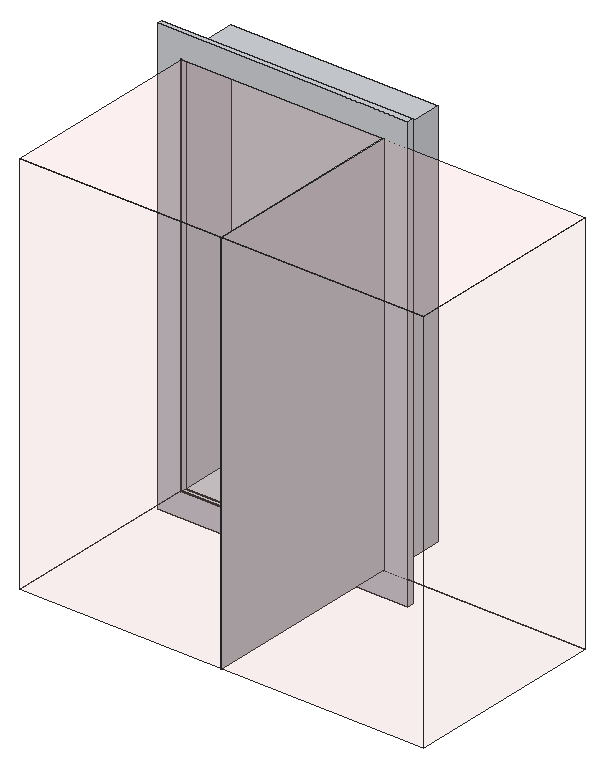
Revit family "Hager-VOLTA-Flush_mounted-IP30-With_Cover-Without_DIN-NoHosted-SE-en", category Electrical Equipment, Revit 2023
Family settings
  Panel Configuration = Two Columns, Circuits Across
  Round Connector Dimension = Use Diameter
  Part Type = Panelboard
  Work Plane-Based = Yes
  Always vertical = Yes
  Cut with Voids When Loaded = No
  Maintain Annotation Orientation = No
  Shared = No
  Room Calculation Point = No
Parameters (values of type "VOLTA-Flush_mounted_W348_H630_D98_12_Modular_Spacing-VU36NW")
  Width Control [instance] = if([HG000006-Flush mounted], if([EF000846 - Built-in width] > min_whd, [EF000846 - Built-in width], min_whd), if([EF000008 - Width] > min_whd, ([EF000008 - Width]), min_whd))  # 314.5 mm
  Void Depth [instance] = if([EF000218 - Built-in depth] > 1 mm, [EF000218 - Built-in depth], 1 mm)  # 89 mm
  Uniformat code = "D501001"
  Uniformat = "Low Tension Service & Dist."
  Référence = ""
  HG000131 - Functional label [instance] = ""
  HG000130 - Functional name [instance] = ""
  HG000099-Onfly Template ID = "507532"
  HG000059-Operating voltage [instance] = 230 V
  ETIM class name = "Small distribution board"
  ETIM class code = "EC000214"
  EF015941 - Signal passing door = no
  EF015777 - Neutral terminal block = yes
  EF015776 - Earthing terminal block = yes
  EF009212 - Cover model = "With notch"
  EF006306 - With lock = no
  EF006244 - Transparent cover/door = no
  EF005474 - Degree of protection (IP) = "IP30"
  EF004462 - Type of closure = "Other"
  EF002950 - Width in number of modular spacings = 12
  EF001596 - Housing material = ""
  EF001134 - DIN-rail = no
  EF001131 - Inner depth = 0 mm
  EF001088 - Extension possible = yes
  EF001062 - EMC-version = no
  EF000846 - Built-in width = 314.5 mm
  EF000339 - Type of covering = ""
  EF000332 - Built-in height = 595 mm
  EF000266 - Number of rows = 0
  EF000218 - Built-in depth = 89 mm
  EF000118 - With mounting plate = yes
  EF000116 - RAL-number = 9010
  EF000049 - Depth = 98 mm
  EF000040 - Height = 630 mm
  EF000008 - Width = 348 mm
  EF000007 - Colour = "White"
  EF000003 - Mounting method = "Flush-mounted"
  EF004464 - Type of door = ""
  EF000024 - UV resistant = no
  Type Comments = ""
  System Height [instance] = Height Control - 2 * [HG000005-Thickness]  # 446 mm
  Reference description = ""
  Reference = "VOLTA-Flush_mounted_W348_H630_D98_12_Modular_Spacing-VU36NW"
  Panel Name [instance] = ""  # (empty or 0)
  Offset [instance] = 0 mm
  Object type = ""
  Name hager = "ADD_Enclosures_EC000214"
  Name BIM&CO = "Electricity"
  Name = "VOLTA-Flush_mounted-IP30-With_Cover-Without_DIN-SE"
  Model = ""
  Level Offset [instance] = [Flush Mounted - Door Frame Width] + Offset  # 50 mm
  HGEF002950-Width in number of modular spacings = 12
  HGEF000266-Number of rows = 0
  HG000060-RAL-number = "9010"
  HG000017-Distance between poles = 18 mm
  HG000016-Door 3D visibility = yes
  HG000015-Clearance visibility = yes
  HG000014-Door on the right = yes
  HG000013-Door on the left = not([HG000014-Door on the right])  # no
  HG000012-Door swing angle = 90.00°
  HG000011-Empty rows from bottom = no
  HG000010-Asymmetric doors = no
  HG000009-Double swing door = no
  HG000008-Number of empty rows = 0
  HG000007-Number of empty columns = 0
  HG000006-Flush mounted = yes
  HG000005-Thickness = 2 mm
  HG000004-Manufacturer reference = "VU36NW"
  HG000003-Range = "VOLTA"
  HG000002-With door or cover = yes
  HG000001-Number of columns = 0
  GTIN (Global Trade Item Number) = ""
  Description = ""
  Default Elevation = 1200 mm
  Creation Date = "12/15/2025 21:48:34"
  Code hager = "ADD-EC000214_EU"
  Code Uniformat = ""
  BIM&CO code = ""
  BC_VARIANT_ID = "1174467"
  BC_OBJECT_VERSION = "#1"  # constant formula
  BC_OBJECT_ID = "513508"  # constant formula
  BC_MODEL_ID = "1547276"  # constant formula
  BC_METADATA = "{\"ObjectGuid\":\"bc35c96e-cb38-443e-833d-0616858cb9ac\",\"ModelGuid\":\"8af03f69-2293-4735-a617-cc53adf55621\",\"VariantGuid\":\"8b6e323b-1b53-409a-a940-11b5a7fc5337\",\"Revision\":\"#4\",\"VariantName\":\"Template-Enclosure_EU-EC000214\"}"
  Arrow Offset [instance] = Depth Control / 8  # 18.75 mm
  Arrow Height [instance] = Depth Control - Arrow Offset  # 131.25 mm
  Host Offset [instance] = if([HG000006-Flush mounted], 0 mm, [EF000049 - Depth])  # 0 mm
  min_whd [instance] = (2 * [HG000005-Thickness]) + 1 mm  # 5 mm
  Manufacturer = "Hager"  # constant formula
  Height Control [instance] = if([HG000006-Flush mounted], if([EF000332 - Built-in height] > min_whd, [EF000332 - Built-in height], min_whd), if([EF000040 - Height] > min_whd, ([EF000040 - Height]), min_whd))  # 595 mm
  Flush Mounted - Door Frame Width [instance] = if(([EF000040 - Height] - [EF000332 - Built-in height]) > 0 mm, if([HG000006-Flush mounted], [EF000040 - Height] - [EF000332 - Built-in height], 0 mm), 0 mm)  # 35 mm
  Depth Control [instance] = if([HG000006-Flush mounted], if([EF000218 - Built-in depth] > 0 mm, [EF000218 - Built-in depth], 1 mm), if([EF000049 - Depth] > 0 mm, ([EF000049 - Depth]), 1 mm))  # 89 mm
Types (4, lengths in mm): name | Width Control | Void Depth | EF015777 - Neutral terminal block | EF015776 - Earthing terminal block | EF002950 - Width in number of modular spacings | EF001062 - EMC-version | EF000846 - Built-in width | EF000332 - Built-in height | EF000266 - Number of rows | EF000218 - Built-in depth | EF000049 - Depth | EF000040 - Height | EF000008 - Width | Reference | HGEF002950-Width in number of modular spacings | HGEF000266-Number of rows | HG000004-Manufacturer reference | HG000001-Number of columns | BC_VARIANT_ID | Height Control | Flush Mounted - Door Frame Width | Depth Control
  VOLTA-Flush_mounted_W426_H286_D89_18_Modular_Spacing-VU118F | 396 | 82 | no | no | 18 | yes | 396 | 259 | 1 | 82 | 89 | 286 | 426 | "VOLTA-Flush_mounted_W426_H286_D89_18_Modular_Spacing-VU118F" | 18 | 1 | "VU118F" | 1 | "1174466" | 259 | 27 | 82
  VOLTA-Flush_mounted_W348_H630_D98_12_Modular_Spacing-VU36NW | 314.5 | 89 | yes | yes | 12 | no | 314.5 | 595 | 0 | 89 | 98 | 630 | 348 | "VOLTA-Flush_mounted_W348_H630_D98_12_Modular_Spacing-VU36NW" | 12 | 0 | "VU36NW" | 0 | "1174467" | 595 | 35 | 89
  VOLTA-Flush_mounted_W348_H755_D98_12_Modular_Spacing-VU48NW | 314.5 | 89 | no | no | 12 | no | 314.5 | 720 | 0 | 89 | 98 | 755 | 348 | "VOLTA-Flush_mounted_W348_H755_D98_12_Modular_Spacing-VU48NW" | 12 | 0 | "VU48NW" | 0 | "1174468" | 720 | 35 | 89
  VOLTA-Flush_mounted_W348_H880_D98_12_Modular_Spacing-VU60NW | 314.5 | 89 | yes | yes | 12 | no | 314.5 | 845 | 0 | 89 | 98 | 880 | 348 | "VOLTA-Flush_mounted_W348_H880_D98_12_Modular_Spacing-VU60NW" | 12 | 0 | "VU60NW" | 0 | "1174469" | 845 | 35 | 89
Reference planes
  plane 1 "Center (Front/Back)": y = 0
  plane 2: z = 0
  plane 3 "Center (Left/Right)": x = 0
  plane 4: y = 37
  plane 5: y = 89
  plane 6: y = 35
  plane 7: z = 0
  plane 8: x = -157.25
  plane 9: x = 157.25
  plane 10: x = 155.25
  plane 11: x = -155.25
  plane 12: z = 50
  plane 13: z = 52
  plane 14: y = 5
  plane 15: y = 0
  plane 16: y = 87
  plane 17: z = 643
  plane 18: z = 645
  plane 19: z = 347.5
  plane 20: x = 0
  plane 21: y = -100
  plane 22 "Annotation H": y = -300
  plane 23 "Annotation V": x = 357.25
Forms (mm)
  Extrusion 1, solid
    sketch origin (-208.679, -4572, 50) x (-1, 0, 0) y (0, -1, 0)
      loop
        line (-51.429, -4572) -> (-365.929, -4572) -> (-365.929, -4661) -> (-51.429, -4661) -> (-51.429, -4572)
    from 0 to 595 <- "Height Control"
  Extrusion 2, void
    sketch origin (-350.771, 0, 1219.2) x (1, 0, 0) y (0, 0, 1)
      loop
        line (195.521, -576.2) -> (195.521, -1167.2) -> (506.021, -1167.2) -> (506.021, -576.2) -> (195.521, -576.2)
    from 0 to -87
  Extrusion 3, solid, detail levels coarse+medium
    sketch origin (-350.771, 0, 1219.2) x (-1, 0, 0) y (0, 0, 1)
      loop
        line (-195.521, -576.2) -> (-506.021, -576.2) -> (-506.021, -1167.2) -> (-195.521, -1167.2) -> (-195.521, -576.2)
    from 0 to 2 <- "HG000005-Thickness"
Cuts and joins
  Extrusion 2 cuts Extrusion 1
Dimensions and locks
  "Flush Mounted - Door Frame Width": plane 1 "Center (Front/Back)" to plane 6
  "HG000005-Thickness": plane 4 to plane 6
  "HG000005-Thickness": plane 8 to plane 11
  "HG000005-Thickness": plane 9 to plane 10
  equal spacing: plane 8, plane 3 "Center (Left/Right)", plane 9
  "Width Control": plane 8 to plane 9
  locked: plane 14 to plane 15 at 5
  "Host Offset": plane 1 "Center (Front/Back)" to plane 15
  "Depth Control": plane 5 to plane 15
  "HG000005-Thickness": plane 5 to plane 16
  "HG000005-Thickness": plane 13 to plane 12
  "Level Offset": plane 12 to level
  "HG000005-Thickness": plane 18 to plane 17
  "Height Control": plane 18 to plane 12
  "Arrow Offset": plane 5 to nested 4
  equal spacing: plane 18, plane 19, plane 12
  locked: connector elem to plane 19
  locked: connector elem to plane 3 "Center (Left/Right)"
  Extrusion 2 sketch curve to Extrusion 2 sketch curve to plane 9 = 310.5 mm, 2 mm
  locked: plane 9 to plane 23 "Annotation V" at 200
  locked: plane 22 "Annotation H" to plane 1 "Center (Front/Back)" at 300
  aligned and locked: nested 1 to plane 14
  aligned and locked: plane 3 "Center (Left/Right)" to nested 1
  aligned and locked: plane 3 "Center (Left/Right)" to nested 2
  aligned and locked: nested 2 to plane 15
  aligned and locked: plane 5 to Extrusion 1
  aligned and locked: Extrusion 3 sketch curve to plane 17
  aligned and locked: Extrusion 3 sketch curve to plane 11
  aligned and locked: plane 13 to Extrusion 3 sketch curve
  aligned and locked: Extrusion 3 sketch curve to plane 10
  aligned and locked: plane 13 to Extrusion 2 sketch curve
  aligned and locked: Extrusion 2 sketch curve to plane 17
  aligned and locked: plane 16 to Extrusion 2
  aligned and locked: plane 5 to Extrusion 1 sketch curve
  aligned and locked: plane 9 to Extrusion 1 sketch curve
  aligned and locked: plane 8 to Extrusion 1 sketch curve
  aligned and locked: plane 8 to nested 4
  aligned and locked: plane 8 to nested 3
  aligned and locked: nested 3 to plane 5
  aligned and locked: Extrusion 1 sketch curve to plane 15
  aligned and locked: Extrusion 2 to plane 15
  aligned and locked: nested 5 to plane 22 "Annotation H"
  aligned and locked: plane 23 "Annotation V" to nested 5
  aligned and locked: plane 11 to Extrusion 2
  aligned and locked: plane 10 to Extrusion 2
Nested families
  nested 1: "Hager_Enclosure_System" at (0, 5, 52), Flush_Mounted <- "HG000006-Flush mounted", Height <- "System Height", Width_Control <- "Width Control", Row_Module_Multiplicator <- "HGEF002950-Width in number of modular spacings", Empty_Columns <- "HG000007-Number of empty columns", Border <- "HG000005-Thickness", Total_No_Empty_Rows <- "HG000008-Number of empty rows", Depth <- "HG000005-Thickness", Empty_Rows_From_Bottom <- "HG000011-Empty rows from bottom", Distance_Between_Poles <- "HG000017-Distance between poles", Rows_Count <- "HGEF000266-Number of rows", Columns_Count <- "HG000001-Number of columns", Built-in_Width <- "EF000846 - Built-in width", Width <- "EF000008 - Width", type "Hager_Enclosure_System", detail levels medium+fine
    with Width_Control 314.5 mm, Width 348 mm, Total_No_Rows 0, Total_No_Empty_Rows 0, Total_No_Columns 1, System_Width 310.5 mm, Rows_Count 0, Rows_Column 0, Row_Module_Multiplicator 12, Panel_4 no, Panel_3 no, Panel_2 no, Panel_1 no, No_Panels_Ctrl 1, Hide_Columns yes, Height 446 mm, Flush_Mounted yes, Empty_Rows_From_Bottom no, Empty_Rows_Column 0, Empty_Columns 0, Empty column 4 0, Empty column 3 0, Empty column 2 0, Empty column 1 0, Distance_Between_Poles 18 mm, Depth 2 mm, Columns_Count 0, Column_Width 310.5 mm, Built-in_Width 314.5 mm, Border 2 mm
  nested 2: "Hager_Enclosure_Door" at (0, 0, 50), Double <- "HG000009-Double swing door", Height_Ctrl <- "Height Control", Angle <- "HG000012-Door swing angle", Door_Right <- "HG000014-Door on the right", Assymetrical <- "HG000010-Asymmetric doors", Flush_Mounted <- "HG000006-Flush mounted", Door <- "HG000002-With door or cover", Width_Ctrl <- "Width Control", 3d_Door <- "HG000016-Door 3D visibility", Border <- "HG000005-Thickness", Clearance <- "HG000015-Clearance visibility", Door_Left <- "HG000013-Door on the left", BuiltIn_Depth <- "EF000218 - Built-in depth", Depth <- "EF000049 - Depth", BuiltIn_Width <- "EF000846 - Built-in width", Height <- "EF000040 - Height", BuiltIn_Height <- "EF000332 - Built-in height", Width <- "EF000008 - Width", Transparent <- "EF006244 - Transparent cover/door", type "Hager_Enclosure_Door", detail levels medium+fine
    with min_wh 5 mm, Width_Ctrl 314.5 mm, Width 348 mm, Transparent_Door_No_Bottom_Border no, Transparent no, Leaf_Width 307.5 mm, Leaf_Tolerance 1.5 mm, Leaf_Height 588 mm, Leaf_2_Width 307.5 mm, Leaf_2_Offset 153.75 mm, Leaf_1_Width 307.5 mm, Leaf_1_Offset 153.75 mm, Height_Ctrl 595 mm, Height 630 mm, Frame_Width_Ctrl 33.5 mm, Frame_Width 33.5 mm, Frame_Internal_Offset 2 mm, Frame_Height_Ctrl 35 mm, Frame_Height 35 mm, Frame_Depth_Ctrl 9 mm, Frame_Depth 9 mm, Flush_Mounted yes, Double_Clearance_Ctrl no, Double no, Door_Right_Ctrl yes, Door_Right yes, Door_Left_Ctrl no, Door_Left no, Door yes, Depth 98 mm, Clearance_Depth 307.5 mm, Clearance_Ctrl yes, Clearance yes, BuiltIn_Width 314.5 mm, BuiltIn_Height 595 mm, BuiltIn_Depth 89 mm, Border 2 mm, Assymetrical no, Angle 90.00°, 3d_Door yes
  nested 3: "Hager_Enclosure_Symbol_Triangle" at (-157.25, 89, 0), Depth <- "Depth Control", Width <- "Width Control", type "Hager_Enclosure_Symbol_Triangle"
    with Width_Ctrl 314.5 mm, Width 314.5 mm, Depth_Ctrl 89 mm, Depth 89 mm
  nested 4: "Hager_Enclosure_Symbol_Arrow" at (-157.25, 70.25, 0), Height <- "Arrow Height", type "Hager_Enclosure_Symbol_Arrow"
    with Width_Inside 9.844 mm, Width 118.125 mm, Height_Ctrl 131.25 mm, Height 131.25 mm
  nested 5: "Hager_Annotation-HG000130" at (357.25, -300, 0), HG000130 - Functional name <- "HG000130 - Functional name", type "Hager_Annotation-HG000130"
    with HG000130 - Functional name ""
Connectors
  electrical at (0, 89, 347.5), driven by "HG000059-Operating voltage"
    settings: on plane 5, index 1, voltage 230 V, apparent load 0 VA, apparent load phase1 0 VA, apparent load phase2 0 VA, apparent load phase3 0 VA, power factor 1, load classification "Other", number of poles 1, system type 30, power factor state 1, is connector primary yes, connector utility no, sub classification motor no, connector description ""
Definition of nested family "Hager_Enclosure_Door"
  Parameters (values of type "Hager_Enclosure_Door")
    min_wh [instance] = (2 * Border) + 1 mm  # 11 mm
    Width_Ctrl [instance] = 400 mm
    Width [instance] = 500 mm
    Transparent_Door_No_Bottom_Border [instance] = no
    Transparent [instance] = yes
    Leaf_Width [instance] = if((Width_Ctrl - 2 * Border - 2 * Leaf_Tolerance) > 0 mm, (Width_Ctrl - 2 * Border - 2 * Leaf_Tolerance), min_wh)  # 387 mm
    Leaf_Tolerance [instance] = 1.5 mm  # constant formula
    Leaf_Height [instance] = if((Height_Ctrl - 2 * Border - 2 * Leaf_Tolerance) > 0 mm, (Height_Ctrl - 2 * Border - 2 * Leaf_Tolerance), min_wh)  # 387 mm
    Leaf_2_Width [instance] = if(and(and(Double, Assymetrical), Door_Left), (Leaf_Width / 3) - (Leaf_Tolerance / 2), if(and(and(Double, Assymetrical), Door_Right), (Leaf_Width / 3) * 2 - (Leaf_Tolerance / 2), if(and(Double, not(Assymetrical)), (Leaf_Width / 2) - Leaf_Tolerance, Leaf_Width)))  # 387 mm
    Leaf_2_Offset [instance] = if(and(Double, Assymetrical), Leaf_2_Width / 2, if(and(Double, not(Assymetrical)), Leaf_Width / 4, Leaf_Width / 2))  # 193.5 mm
    Leaf_1_Width [instance] = if(and(and(Double, Assymetrical), Door_Right), (Leaf_Width / 3) - (Leaf_Tolerance / 2), if(and(and(Double, Assymetrical), Door_Left), (Width / 3) * 2 - (Leaf_Tolerance / 2), if(and(Double, not(Assymetrical)), (Leaf_Width / 2) - Leaf_Tolerance, Leaf_Width)))  # 387 mm
    Leaf_1_Offset [instance] = if(and(Double, Assymetrical), Leaf_1_Width / 2, if(and(Double, not(Assymetrical)), Leaf_Width / 4, Leaf_Width / 2))  # 193.5 mm
    Height_Ctrl [instance] = 400 mm
    Height [instance] = 500 mm
    Frame_Width_Ctrl [instance] = if(Frame_Width > 0 mm, Frame_Width, 1 mm)  # 1 mm
    Frame_Width [instance] = Width - BuiltIn_Width  # 0 mm
    Frame_Internal_Offset [instance] = if(Flush_Mounted, Border, 0 mm)  # 5 mm
    Frame_Height_Ctrl [instance] = if(Frame_Height > 0 mm, Frame_Height, 1 mm)  # 1 mm
    Frame_Height [instance] = Height - BuiltIn_Height  # 0 mm
    Frame_Depth_Ctrl [instance] = if(Frame_Depth > 0 mm, Frame_Depth, 1 mm)  # 1 mm
    Frame_Depth [instance] = if(Depth - BuiltIn_Depth > 0 mm, if(Flush_Mounted, Depth - BuiltIn_Depth, 0 mm), 0 mm)  # 0 mm
    Flush_Mounted [instance] = yes
    Double_Clearance_Ctrl [instance] = and(Double, Clearance)  # no
    Double [instance] = no
    Door_Right_Ctrl [instance] = and(or(Door_Right, Double), Door)  # yes
    Door_Right [instance] = yes
    Door_Left_Ctrl [instance] = and(or(Door_Left, Double), Door)  # no
    Door_Left [instance] = no
    Door [instance] = yes
    Depth [instance] = 500 mm
    Default Elevation = 1219.2 mm
    Clearance_Material = none
    Clearance_Depth [instance] = if(Leaf_1_Width > Leaf_2_Width, Leaf_1_Width, Leaf_2_Width)  # 387 mm
    Clearance_Ctrl [instance] = and(not(Double), Clearance)  # yes
    Clearance [instance] = yes
    BuiltIn_Width [instance] = 500 mm
    BuiltIn_Height [instance] = 500 mm
    BuiltIn_Depth [instance] = 500 mm
    Border [instance] = 5 mm
    Assymetrical [instance] = yes
    Angle [instance] = 30.00°
    3d_Door [instance] = yes
  Reference planes
    plane 1 "Center (Front/Back)": y = 0
    plane 2 "Bottom": z = 0
    plane 3 "Center (Left/Right)": x = 0
    plane 4: z = 400
    plane 5: x = -200
    plane 6: x = 200
    plane 7: z = 395
    plane 8: x = -195
    plane 9: z = 5
    plane 10: x = 195
    plane 11: y = 0
    plane 12: z = 6.5
    plane 13: x = -582
    plane 14: y = -387
    plane 15: x = 582
    plane 16: x = 0
    plane 17: x = 0
    plane 18: x = -193.5
    plane 19: x = 193.5
    plane 20: z = 393.5
  Forms (mm)
    Extrusion 1, solid, visible <- "Flush_Mounted"
      sketch origin (0, 0, 0) x (1, 0, 0) y (0, 0, 1)
        loop
          line (195, 5) -> (195, 395) -> (-195, 395) -> (-195, 5) -> (195, 5)
        loop
          line (-201, 401) -> (-201, -1) -> (201, -1) -> (201, 401) -> (-201, 401)
      from 0 to 1 <- "Frame_Depth_Ctrl"
    Extrusion 2, solid, material <- "Clearance_Material", visible <- "Double_Clearance_Ctrl"
      sketch origin (1200, 0, 0) x (1, 0, 0) y (0, 0, -1)
        loop
          line (-1782, -393.5) -> (-618, -393.5) -> (-618, 0) -> (-1782, 0) -> (-1782, -393.5)
      from 0 to -387
  Dimensions and locks
    equal spacing: plane 5, plane 3 "Center (Left/Right)", plane 6
    "Width_Ctrl": plane 5 to plane 6
    "Border": plane 5 to plane 8
    "Border": plane 6 to plane 10
    "Border": plane 9 to level
    "Border": plane 4 to plane 7
    "Height_Ctrl": plane 4 to level
    "Leaf_Tolerance": plane 12 to plane 9
    "Frame_Depth": plane 11 to plane 1 "Center (Front/Back)"
    "Frame_Width_Ctrl": plane 5 to Extrusion 1 sketch curve
    "Frame_Width_Ctrl": plane 6 to Extrusion 1 sketch curve
    "Frame_Width_Ctrl": Extrusion 1 sketch curve to plane 4
    "Frame_Width_Ctrl": plane 2 "Bottom" to Extrusion 1 sketch curve
    "Leaf_1_Offset": plane 18 to plane 16
    "Leaf_2_Offset": plane 17 to plane 19
    "Leaf_1_Width": plane 13 to plane 8
    "Leaf_2_Width": plane 10 to plane 15
    "Clearance_Depth": plane 14 to plane 1 "Center (Front/Back)"
    "Leaf_Tolerance": plane 8 to plane 18
    "Leaf_Tolerance": plane 19 to plane 10
    "Leaf_Tolerance": plane 7 to plane 20
    "Frame_Internal_Offset": plane 5 to Extrusion 1 sketch curve
    "Frame_Internal_Offset": Extrusion 1 sketch curve to plane 2 "Bottom"
    "Frame_Internal_Offset": plane 6 to Extrusion 1 sketch curve
    "Frame_Internal_Offset": plane 4 to Extrusion 1 sketch curve
    aligned and locked: level to plane 2 "Bottom"
    aligned and locked: nested 1 to plane 16
    aligned and locked: nested 2 to plane 17
    aligned and locked: Extrusion 2 to plane 13
    aligned and locked: plane 15 to Extrusion 2
    aligned and locked: Extrusion 2 to plane 14
    aligned and locked: plane 12 to nested 1
    aligned and locked: nested 2 to plane 12
    aligned and locked: Extrusion 2 to plane 11
    aligned and locked: plane 20 to Extrusion 2
    aligned and locked: nested 2 to plane 11
    aligned and locked: nested 1 to plane 11
  Automatic sketch dimensions
    Extrusion 2 sketch curve to level = 0 mm
    plane 5 to Extrusion 2 sketch curve = 382 mm
    plane 6 to Extrusion 2 sketch curve = 382 mm
    Extrusion 2 sketch curve to plane 4 = 6.5 mm
  Nested families
    nested 1: "Hager_Enclosure_Door_Leaf" at (0, 0, 6.5), Width <- "Leaf_1_Width", visible <- "Door_Left_Ctrl", Leaf_Height <- "Leaf_Height", Angle <- "Angle", Depth <- "Border", 3d_Door <- "3d_Door", Transparent <- "Transparent", Clearance Material <- "Clearance_Material", Clearance <- "Clearance_Ctrl", Transparent_Door_No_Bottom_Border <- "Transparent_Door_No_Bottom_Border", type "Hager_Enclosure_Door_Leaf"
      with Width 387 mm, Transparent_Door_No_Bottom_Border no, Transparent_Door_Border_Bottom_Top 25 mm, Transparent_Door_Border 25 mm, Transparent_Ctrl yes, Transparent yes, Standard no, Leaf_Height 387 mm, Glass_Offset 1 mm, Depth 5 mm, Clearance Material none, Clearance yes, Angle_Ctrl 30.00°, Angle 30.00°, 3d_Door yes
    nested 2: "Hager_Enclosure_Door_Leaf" at (0, 0, 6.5) x (-1, 0, 0) z (0, 0, 1), Width <- "Leaf_2_Width", visible <- "Door_Right_Ctrl", Leaf_Height <- "Leaf_Height", Angle <- "Angle", Depth <- "Border", 3d_Door <- "3d_Door", Transparent <- "Transparent", Clearance Material <- "Clearance_Material", Clearance <- "Clearance_Ctrl", Transparent_Door_No_Bottom_Border <- "Transparent_Door_No_Bottom_Border", type "Hager_Enclosure_Door_Leaf"
      with Width 387 mm, Transparent_Door_No_Bottom_Border no, Transparent_Door_Border_Bottom_Top 25 mm, Transparent_Door_Border 25 mm, Transparent_Ctrl yes, Transparent yes, Standard no, Leaf_Height 387 mm, Glass_Offset 1 mm, Depth 5 mm, Clearance Material none, Clearance yes, Angle_Ctrl 30.00°, Angle 30.00°, 3d_Door yes
  Definition of nested family "Hager_Enclosure_Door_Leaf"
    Parameters (values of type "Hager_Enclosure_Door_Leaf")
      Width [instance] = 2000 mm
      Transparent_Door_No_Bottom_Border [instance] = yes
      Transparent_Door_Border_Bottom_Top [instance] = if(Transparent_Door_No_Bottom_Border, 0.1 mm, Transparent_Door_Border)  # 0.1 mm
      Transparent_Door_Border [instance] = if(Transparent_Door_No_Bottom_Border, (Width * 0.12), 25 mm)  # 240 mm
      Transparent_Ctrl [instance] = and(Transparent, [3d_Door])  # yes
      Transparent [instance] = yes
      Standard [instance] = and(not(Transparent), [3d_Door])  # no
      Leaf_Height [instance] = 2720.336 mm
      Glass_Offset [instance] = if((Depth - 10 mm) / 2 > 0 mm, (Depth - 10 mm) / 2, 1 mm)  # 15 mm
      Glass_Material = none
      Depth [instance] = 40 mm
      Default Elevation = 0 mm
      Clearance Material [instance] = none
      Clearance [instance] = yes
      Angle_Ctrl [instance] = if(Angle > 170.00°, 170.00°, Angle)  # 45.00°
      Angle [instance] = 45.00°
      3d_Door [instance] = yes
    Reference planes
      plane 1 "Center (Front/Back)": y = 0
      plane 2: z = 0
      plane 3 "Center (Left/Right)": x = 0
      plane 4: y = 2000
      plane 5: x = -1000
      plane 6: x = 1000
      plane 7: x = -3000
      plane 8: z = 2720.336
      plane 9: z = 0.1
      plane 10: z = 2720.236
      plane 11: x = 760
      plane 12: x = -760
    Forms (mm)
      Extrusion 1, solid, material <- "Clearance Material", visible <- "Clearance"
        sketch origin (0, 0, 0) x (1, 0, 0) y (0, 0, 1)
          loop
            line (-3000, 2720.336) -> (-3000, 0) -> (1000, 0) -> (1000, 2720.336) -> (-3000, 2720.336)
        from 0 to -2000
      Extrusion 2, solid, visible <- "Standard", detail levels medium+fine
        sketch origin (-1000, 0, 0) x (0.707107, 0.707107, 0) y (-0.707107, 0.707107, 0)
          loop
            line (0, -40) -> (2000, -40) -> (2000, 0) -> (0, 0) -> (0, -40)
        from 0 to 2720.336 <- "Leaf_Height"
      Extrusion 3, solid, visible <- "Transparent_Ctrl", detail levels medium+fine
        sketch origin (-1000, 0, 0) x (0.707107, 0.707107, 0) y (-0.707107, 0.707107, 0)
          loop
            line (0, -40) -> (2000, -40) -> (2000, 0) -> (0, 0) -> (0, -40)
        from 0 to 2720.336 <- "Leaf_Height"
      Extrusion 4, void, detail levels medium+fine
        sketch origin (-1000, 0, 0) x (-0.707107, 0.707107, 0) y (0.707107, 0.707107, 0)
          loop
            line (0, 240) -> (0, 1760) -> (-40, 1760) -> (-40, 240) -> (0, 240)
        from -2720.236 to -0.1
      Extrusion 5, solid, material <- "Glass_Material", visible <- "Transparent_Ctrl", detail levels medium+fine
        sketch origin (-1000, 0, 0) x (0.707107, 0.707107, 0) y (-0.707107, 0.707107, 0)
          loop
            line (240, -15) -> (240, -25) -> (1760, -25) -> (1760, -15) -> (240, -15)
        from 0.1 to 2720.236
    Cuts and joins
      Extrusion 4 cuts Extrusion 3
    Lines and regions (mm)
      symbolic lines
        curve 1: line (1000, 0, 0) -> (-3000, 0, 0)
        curve 2: arc (1000, 0, 0) -> (-1000, 2000, 0) -> (-3000, 0, 0) r 2000
        curve 4: line (-1000, 0, 0) -> (414.214, 1414.214, 0)
      reference lines
        curve 3: line (-1000, 0, 0) -> (414.214, 1414.214, 0)
      symbolic lines, detail levels medium+fine
        curve 5: line (414.214, 1414.214, 0) -> (442.498, 1385.929, 0)
        curve 6: line (442.498, 1385.929, 0) -> (-971.716, -28.284, 0)
        curve 7: line (-971.716, -28.284, 0) -> (-1000, 0, 0)
        curve 8: line (-1000, 0, 2720.336) -> (1000, 0, 2720.336)
        curve 9: line (-1000, 0, 0) -> (-1000, 0, 2720.336)
        curve 10: line (1000, 0, 0) -> (-1000, 0, 0)
        curve 11: line (1000, 0, 2720.336) -> (1000, 0, 0)
      symbolic lines, visible <- "Transparent_Ctrl", detail levels medium+fine
        curve 12: line (-760, 0, 2720.236) -> (760, 0, 2720.236)
        curve 13: line (-760, 0, 0.1) -> (-760, 0, 2720.236)
        curve 14: line (760, 0, 0.1) -> (-760, 0, 0.1)
        curve 15: line (760, 0, 2720.236) -> (760, 0, 0.1)
    Dimensions and locks
      "Width": plane 1 "Center (Front/Back)" to plane 4
      equal spacing: plane 5, plane 3 "Center (Left/Right)", plane 6
      "Width": plane 5 to plane 6
      "Width": plane 7 to plane 5
      "Leaf_Height": plane 8 to level
      "Depth": curve 6 to curve 3
      "Width": curve 5 to curve 3
      "Width": curve 3 to curve 3
      "Transparent_Door_Border": Extrusion 4 sketch curve to curve 7
      "Transparent_Door_Border": Extrusion 4 sketch curve to curve 5
      "Transparent_Door_Border_Bottom_Top": plane 8 to plane 10
      "Transparent_Door_Border_Bottom_Top": plane 9 to level
      "Glass_Offset": Extrusion 5 sketch curve to curve 4
      "Glass_Offset": Extrusion 5 sketch curve to curve 6
      "Transparent_Door_Border": Extrusion 5 sketch curve to curve 5
      "Transparent_Door_Border": Extrusion 5 sketch curve to curve 7
      "Transparent_Door_Border": plane 12 to plane 5
      "Transparent_Door_Border": plane 6 to plane 11
      "Angle_Ctrl": angle plane 1 "Center (Front/Back)" to curve 3
      aligned and locked: level to plane 2
      aligned and locked: Extrusion 1 to curve 1
      aligned and locked: plane 6 to Extrusion 1
      aligned and locked: Extrusion 1 to plane 1 "Center (Front/Back)"
      aligned and locked: plane 4 to Extrusion 1
      aligned and locked: plane 8 to Extrusion 1
      aligned and locked: curve 4 to curve 3
      aligned and locked: Extrusion 2 sketch curve to curve 7
      aligned and locked: Extrusion 2 sketch curve to curve 6
      aligned and locked: Extrusion 2 sketch curve to curve 5
      aligned and locked: Extrusion 2 sketch curve to curve 3
      aligned and locked: curve 7 to Extrusion 3 sketch curve
      aligned and locked: Extrusion 3 sketch curve to curve 4
      aligned and locked: Extrusion 3 sketch curve to curve 6
      aligned and locked: Extrusion 3 sketch curve to curve 5
      aligned and locked: curve 4 to Extrusion 4 sketch curve
      aligned and locked: curve 6 to Extrusion 4 sketch curve
      aligned and locked: Extrusion 4 to plane 9
      aligned and locked: Extrusion 4 to plane 10
      aligned and locked: Extrusion 5 to plane 9
      aligned and locked: Extrusion 5 to plane 10
      aligned and locked: curve 8 to plane 8
      aligned and locked: plane 5 to curve 9
      aligned and locked: plane 2 to curve 10
      aligned and locked: curve 11 to plane 6
      aligned and locked: plane 10 to curve 12
      aligned and locked: plane 12 to curve 13
      aligned and locked: curve 14 to plane 9
      aligned and locked: plane 11 to curve 15
    Automatic sketch dimensions
      plane 1 "Center (Front/Back)" to curve 2 = 0 mm
      curve 2 to plane 5 = 0 mm
      Extrusion 1 sketch curve to level = 0 mm
      Extrusion 1 sketch curve to plane 7 = 0 mm
      Extrusion 1 sketch curve to plane 6 = 0 mm
      Extrusion 1 sketch curve to plane 8 = 0 mm
      plane 1 "Center (Front/Back)" to curve 3 = 0 mm
      curve 3 to plane 5 = 0 mm
      curve 7 to curve 3 = 0 mm
Definition of nested family "Hager_Enclosure_Symbol_Triangle"
  Parameters (values of type "Hager_Enclosure_Symbol_Triangle")
    Width_Ctrl [instance] = if(Width > 1 mm, Width, 1 mm)  # 498 mm
    Width [instance] = 498 mm
    Depth_Ctrl [instance] = if(Depth > 1 mm, Depth, 1 mm)  # 72 mm
    Depth [instance] = 72 mm
  Reference planes
    plane 1 "Centre (avant/arrière)": y = 0
    plane 2: z = 0
    plane 3 "Centre (gauche/droite)": x = 0
  Lines and regions (mm)
    Filled region 1, type "Solid_Black", in view "Niveau de réf."
      outline origin (0, 0, 0) x (1, 0, 0) y (0, 1, 0)
        loop
          line (0, 0) -> (498, 0) -> (498, 72) -> (0, 0)
    reference lines, in view "Niveau de réf."
      curve 1: line (-206.153, 72, 0) -> (1083.258, 72, 0)
      curve 2: line (498, 405.456, 0) -> (498, -517.619, 0)
  Dimensions and locks
    "Depth_Ctrl": plane 1 "Centre (avant/arrière)" to curve 1
    "Width_Ctrl": plane 3 "Centre (gauche/droite)" to curve 2
    aligned and locked: curve 1 to Filled region 1 sketch curve
    aligned and locked: Filled region 1 sketch curve to plane 1 "Centre (avant/arrière)"
    aligned and locked: curve 2 to Filled region 1 sketch curve
    aligned and locked: plane 3 "Centre (gauche/droite)" to Filled region 1 sketch curve
    aligned and locked: plane 1 "Centre (avant/arrière)" to Filled region 1 sketch curve
  Automatic sketch dimensions
    curve 1 to plane 3 "Centre (gauche/droite)" = 206.153 mm
    curve 2 to curve 1 = 585.258 mm
    plane 1 "Centre (avant/arrière)" to curve 2 = 517.619 mm
    curve 2 to plane 1 "Centre (avant/arrière)" = 405.456 mm
Definition of nested family "Hager_Enclosure_Symbol_Arrow"
  Parameters (values of type "Hager_Enclosure_Symbol_Arrow")
    Width_Inside [instance] = if(Width / 12 > 2 mm, Width / 12, 2 mm)  # 4.987 mm
    Width [instance] = if(Height_Ctrl * 0.9 > 2 mm, Height_Ctrl * 0.9, 2 mm)  # 59.85 mm
    Height_Ctrl [instance] = if(Height > 2 mm, Height, 2 mm)  # 66.5 mm
    Height [instance] = 66.5 mm
  Reference planes
    plane 1 "Centre (avant/arrière)": y = 0
    plane 2: z = 0
    plane 3 "Centre (gauche/droite)": x = 0
    plane 4: x = 59.85
    plane 5: y = 28.263
    plane 6: y = 38.238
    plane 7: y = 66.5
    plane 8: x = 29.925
    plane 9: y = 33.25
  Lines and regions (mm)
    Filled region 1, type "Solid_Black", in view "Niveau de réf."
      outline origin (0, 0, 0) x (1, 0, 0) y (0, 1, 0)
        loop
          line (59.85, 66.5) -> (37.929, 52.827) -> (51.846, 41.935) -> (59.85, 66.5)
    detail lines, in view "Niveau de réf."
      curve 1: line (0, 0, 0) -> (29.925, 38.238, 0)
      curve 2: line (29.925, 38.238, 0) -> (29.925, 28.263, 0)
      curve 3: line (29.925, 28.263, 0) -> (59.85, 66.5, 0)
  Dimensions and locks
    "Width": plane 3 "Centre (gauche/droite)" to plane 4
    "Height_Ctrl": plane 7 to plane 1 "Centre (avant/arrière)"
    equal spacing: plane 3 "Centre (gauche/droite)", plane 8, plane 4
    equal spacing: plane 7, plane 9, plane 1 "Centre (avant/arrière)"
    equal spacing: plane 6, plane 9, plane 5
    "Width_Inside": plane 6 to plane 9
    equal spacing: curve 3, Filled region 1 sketch curve, Filled region 1 sketch curve
    angle Filled region 1 sketch curve to curve 3 = 20.00°
    angle curve 3 to Filled region 1 sketch curve = 20.00°
    locked: curve 3 to Filled region 1 sketch curve (angle 90.00°)
  Automatic sketch dimensions
    plane 1 "Centre (avant/arrière)" to curve 1 = 0 mm
    curve 1 to plane 3 "Centre (gauche/droite)" = 0 mm
    curve 2 to plane 6 = 0 mm
    curve 3 to plane 8 = 0 mm
    curve 3 to plane 4 = 0 mm
    curve 2 to plane 5 = 0 mm
    curve 3 to plane 7 = 0 mm
    Filled region 1 sketch curve to plane 4 = 0 mm
    Filled region 1 sketch curve to plane 7 = 0 mm
Definition of nested family "Hager_Annotation-HG000130"
  Parameters (values of type "Hager_Annotation-HG000130")
    HG000130 - Functional name [instance] = ""
  Reference planes
    plane 1: y = 0
    plane 2: x = 0
  Lines and regions (mm)
    detail lines
      curve 1: line (-27.5, 10, 0) -> (27.5, 10, 0)
      curve 2: line (-27.5, -10, 0) -> (-27.5, 10, 0)
      curve 3: line (27.5, -10, 0) -> (-27.5, -10, 0)
      curve 4: line (27.5, 10, 0) -> (27.5, -10, 0)
  Text (mm)
    label "HG000130 - Functional name" at (0.16, 0.026, 0), shows "HG000130 - Functional name"
